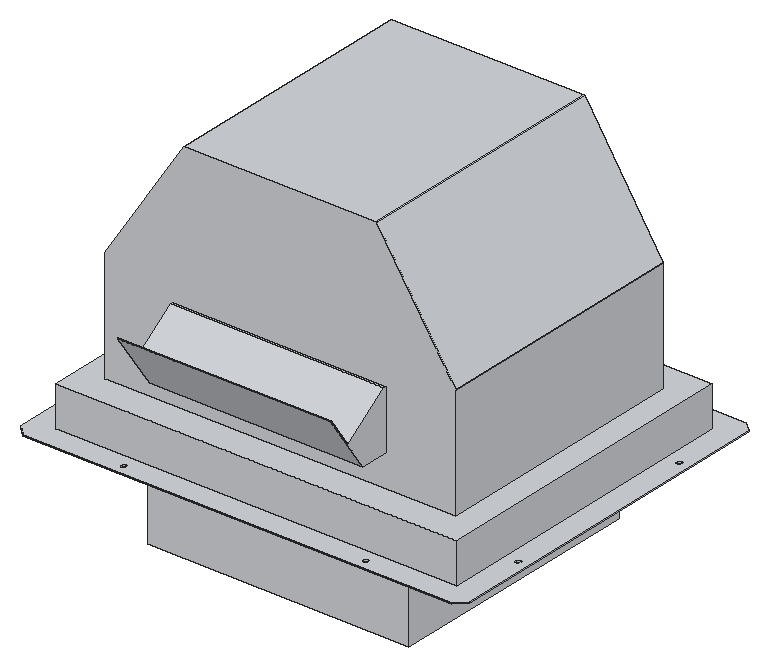
Revit family "PVHEX58-300", category Generic Models, host Face, Revit 2019
Family settings
  Host = Face
  Can host rebar = No
  Round Connector Dimension = Use Diameter
  Part Type = Normal
  Cut with Voids When Loaded = No
  Shared = No
  Room Calculation Point = No
Parameters
  Default Elevation = 48.00"
Reference planes (in)
  plane 1 "Center (Front/Back)": y = 0
  plane 2: z = 0
  plane 3 "Center (Left/Right)": x = 0
Forms (in)
  Extrusion 1, solid
    sketch origin (0, 0, 0) x (1, 0, 0) y (0, 1, 0)
      loop
        line (-9.935, 8.274) -> (-9.935, -7.56) -> (9.935, -7.56) -> (9.935, 8.274) -> (-9.935, 8.274)
    from 0.04 to 2.04
  Extrusion 2, solid
    sketch origin (0, 0, 0) x (1, 0, 0) y (0, 1, 0)
      loop
        line (-9.935, 8.274) -> (-9.935, -7.56) -> (9.935, -7.56) -> (9.935, 8.274) -> (-9.935, 8.274)
      loop
        line (-10.649, 9.524) -> (-11.149, 9.024) -> (-11.149, -8.274) -> (-10.649, -8.774) -> (10.649, -8.774) -> (11.149, -8.274) -> (11.149, 9.024) -> (10.649, 9.524) -> (-10.649, 9.524)
      loop
        circle (6, 9.024) r 0.125
      loop
        circle (10.649, 5.375) r 0.125
      loop
        circle (10.649, -4.625) r 0.125
      loop
        circle (6, -8.274) r 0.125
      loop
        circle (-6, -8.274) r 0.125
      loop
        circle (-10.649, -4.625) r 0.125
      loop
        circle (-10.649, 5.375) r 0.125
      loop
        circle (-6, 9.024) r 0.125
    from 0 to 0.04
  Extrusion 3, solid
    sketch origin (0, 0, 0) x (1, 0, 0) y (0, 0, 1)
      loop
        line (-4.81098, 13.68606) -> (-8.70649, 7.60715) -> (-8.70649, 2.04) -> (8.68751, 2.04) -> (8.68751, 7.58752)
        arc (8.68751, 7.58752) -> (8.68481, 7.60636) -> (8.67693, 7.62367) r 0.067
        line (8.67693, 7.62367) -> (4.792, 13.68606)
        arc (4.792, 13.68606) -> (4.76774, 13.70869) -> (4.73559, 13.71691) r 0.067
        line (4.73559, 13.71691) -> (-4.75456, 13.71691)
        arc (-4.75456, 13.71691) -> (-4.78671, 13.70869) -> (-4.81098, 13.68606) r 0.067
    from -6.80913 to 6.05913
  Extrusion 4, solid
    sketch origin (0, 0, 0) x (1, 0, 0) y (0, 0, 1)
      loop
        line (-6.50949, 0) -> (-6.50949, -4.5) -> (6.49051, -4.5) -> (6.49051, 0) -> (-6.50949, 0)
    from -6.80913 to 6.192
  Extrusion 5, solid
    sketch origin (0, 0.683, 0) x (0, -1, 0) y (0, 0, -1)
      loop
        line (10.23527, -6.54553) -> (8.22775, -3.6785) -> (6.80913, -3.6785) -> (6.80913, -6.6255) -> (6.93413, -6.6255) -> (9.15731, -5.06881) -> (10.20578, -6.56618) -> (10.23527, -6.54553)
    from -5.286 to 5.286
Dimensions and locks (in)
  aligned and locked: plane 2 to host face
  aligned and locked: level to host face
Connectors (in)
  hvac at (-0.00949, 0.30857, -4.5)
    settings: on Extrusion 4, index 1, duct flow 0 CFM, flow factor 0, pres drop 0.00 in-wg, loss coef 0, conn angle 0.00°, conn width 13", conn height 13", conn diameter 24", duct sys type 1, conn prof type 1, flow config 0, flow direction 0, loss method 0, conn ref index -1, conn util no, is conn primary yes, conn desc ""
